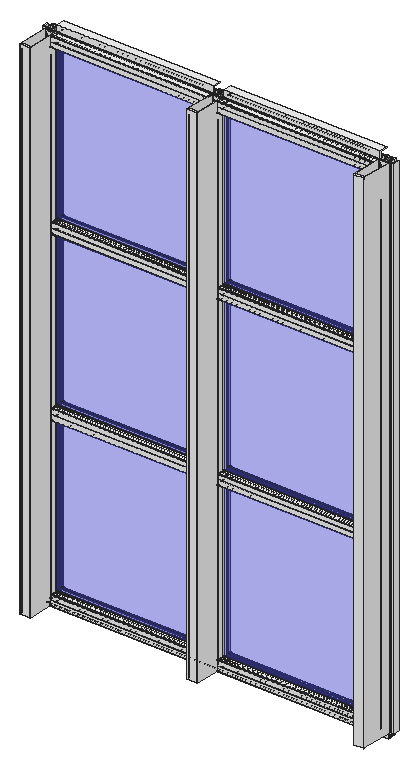
Revit family "Facade_60_Curtain_Wall_E23_Custom", category Windows, host Wall, Revit 2014 (continued)
Definition of nested family "F60_Double_Glazing_E23_Cust"
  Parameters (values of type "F60_Double_Glazing")
    Glazing Thickness DG [instance] = 4 mm
    Glazing Material [instance] = Glass
    Double Glazing Gasket Thickness [instance] = 12 mm
    Double Glazing Gasket Material [instance] = none
  Reference planes
    plane 1 "Center (Front/Back)": y = 0
    plane 2: z = 0
    plane 3 "Center (Left/Right)": x = 0
  Forms (mm)
    Extrusion 1, solid, material "Glass" <- "Glazing Material"
      sketch origin (0, 0, 0) x (1, 0, 0) y (0, 0, 1)
        loop
          line (0, 0) -> (0, 600) -> (-600, 600) -> (-600, 0) -> (0, 0)
      from 0 to 4 <- "Glazing Thickness DG"
    Extrusion 2, solid, material <- "Double Glazing Gasket Material"
      sketch origin (0, -4, 0) x (1, 0, 0) y (0, 0, 1)
        loop
          line (-600, 600) -> (-600, 0) -> (0, 0) -> (0, 600) -> (-600, 600)
        loop
          line (-592, 8) -> (-8, 8) -> (-8, 592) -> (-592, 592) -> (-592, 8)
      from 0 to 12 <- "Double Glazing Gasket Thickness"
    Extrusion 3, solid, material "Glass" <- "Glazing Material"
      sketch origin (0, -16, 0) x (1, 0, 0) y (0, 0, 1)
        loop
          line (-600, 600) -> (-600, 0) -> (0, 0) -> (0, 600) -> (-600, 600)
      from 0 to 4 <- "Glazing Thickness DG"
  Dimensions and locks
    "Glazing Width": plane 3 "Center (Left/Right)" to Extrusion 1 sketch curve
    "Glazing Height": Extrusion 1 sketch curve to level
    aligned and locked: level to plane 2
    aligned and locked: Extrusion 1 sketch curve to plane 3 "Center (Left/Right)"
    aligned and locked: level to Extrusion 1 sketch curve
    aligned and locked: Extrusion 2 sketch curve to Extrusion 1  (x4)
    aligned and locked: Extrusion 3 sketch curve to Extrusion 2  (x4)
  Automatic sketch dimensions
    Extrusion 2 sketch curve to Extrusion 1 = 8 mm  (x4)
Definition of nested family "F60 Vertical Profile Middle_E23_Cust"
  Parameters (values of type "F60 Vertical Profile Middle")
    Quarter SG Expansion Break [instance] = if(and(Quarter Expansion Break, Single Glazing), 1 = 1, 1 = 0)  # yes
    Quarter Length [instance] = Length / 4  # 62.5 mm
    Thermal Break Material [instance] = none
    Single Glazing [instance] = yes
    Quarter Expansion Break [instance] = yes
    Quarter DG Expansion Break [instance] = if(and(Quarter Expansion Break, Double Glazing), 1 = 1, 1 = 0)  # yes
    Quarter 190mm Expansion Break [instance] = if(and(Quarter Expansion Break, [190mm Mullion]), 1 = 1, 1 = 0)  # yes
    Quarter 160mm Expansion Break [instance] = if(and(Quarter Expansion Break, [160mm Mullion]), 1 = 1, 1 = 0)  # yes
    Quarter 100mm Expansion Break [instance] = if(and(Quarter Expansion Break, [100mm Mullion]), 1 = 1, 1 = 0)  # yes
    Profile Material [instance] = none
    Length [instance] = 250 mm
    Half SG Expansion Break [instance] = if(and(Half Expansion Break, Single Glazing), 1 = 1, 1 = 0)  # yes
    Half Length [instance] = Length / 2  # 125 mm
    Half Expansion Break [instance] = yes
    Half DG Expansion Break [instance] = if(and(Half Expansion Break, Double Glazing), 1 = 1, 1 = 0)  # yes
    Half 190mm Expansion Joint [instance] = if(and(Half Expansion Break, [190mm Mullion]), 1 = 1, 1 = 0)  # yes
    Half 160mm Expansion Break [instance] = if(and(Half Expansion Break, [160mm Mullion]), 1 = 1, 1 = 0)  # yes
    Half 100mm Expansion Break [instance] = if(and(Half Expansion Break, [100mm Mullion]), 1 = 1, 1 = 0)  # yes
    Double Glazing [instance] = yes
    190mm Mullion [instance] = yes
    160mm Mullion [instance] = yes
    100mm Mullion [instance] = yes
  Reference planes
    plane 1 "Center (Front/Back)": y = 0
    plane 2: z = 0
    plane 3 "Center (Left/Right)": x = 0
  Forms (mm)
    Extrusion 1, solid, material <- "Profile Material"
      sketch origin (0, 0, 0) x (1, 0, 0) y (0, 1, 0)
        loop
          arc (25.249, -8.7) -> (25.484, -9.266) -> (26.049, -9.5) r 0.8
          line (26.049, -9.5) -> (27.1, -9.5) -> (27.1, 7) -> (32.902, 7) -> (32.902, -9.5) -> (33.951, -9.5)
          arc (33.951, -9.5) -> (34.516, -9.266) -> (34.751, -8.7) r 0.8
          line (34.751, -8.7) -> (34.751, 6.2)
          arc (34.751, 6.2) -> (34.985, 6.766) -> (35.551, 7) r 0.8
          line (35.551, 7) -> (52.1, 7) -> (52.1, 5.4) -> (50.55, 5.4) -> (50.55, 4.55)
          arc (50.55, 4.55) -> (50.726, 4.126) -> (51.15, 3.95) r 0.6
          line (51.15, 3.95) -> (52.1, 3.95) -> (52.1, 1)
          arc (52.1, 1) -> (51.6, 0.5) -> (52.1, 0) r 0.5
          line (52.1, 0) -> (54.45, 0) -> (54.45, 1.15) -> (53.3, 1.15) -> (53.3, 2.45) -> (58.8, 2.45) -> (58.8, 1.15) -> (57.65, 1.15) -> (57.65, 0) -> (59.5, 0)
          arc (59.5, 0) -> (59.854, 0.146) -> (60, 0.5) r 0.5
          line (60, 0.5) -> (60, 3.9) -> (53.55, 3.9) -> (53.55, 7.6)
          arc (53.55, 7.6) -> (53.316, 8.166) -> (52.75, 8.4) r 0.8
          line (52.75, 8.4) -> (30, 8.4) -> (7.25, 8.4)
          arc (7.25, 8.4) -> (6.684, 8.166) -> (6.45, 7.6) r 0.8
          line (6.45, 7.6) -> (6.45, 3.9) -> (0, 3.9) -> (0, 0.5)
          arc (0, 0.5) -> (0.146, 0.146) -> (0.5, 0) r 0.5
          line (0.5, 0) -> (2.35, 0) -> (2.35, 1.15) -> (1.2, 1.15) -> (1.2, 2.45) -> (6.7, 2.45) -> (6.7, 1.15) -> (5.55, 1.15) -> (5.55, 0) -> (7.9, 0)
          arc (7.9, 0) -> (8.4, 0.5) -> (7.9, 1) r 0.5
          line (7.9, 1) -> (7.9, 3.95) -> (8.85, 3.95)
          arc (8.85, 3.95) -> (9.274, 4.126) -> (9.45, 4.55) r 0.6
          line (9.45, 4.55) -> (9.45, 5.4) -> (7.9, 5.4) -> (7.9, 7) -> (24.449, 7)
          arc (24.449, 7) -> (25.015, 6.766) -> (25.249, 6.2) r 0.8
          line (25.249, 6.2) -> (25.249, -8.7)
      from 0 to 250 <- "Length"
    Extrusion 2, solid, material <- "Thermal Break Material"
      sketch origin (0, 0, 0) x (1, 0, 0) y (0, 1, 0)
        loop
          line (1.75, 9.8) -> (1.75, 5.2) -> (0, 5.2) -> (0, 3.9) -> (6.35, 3.9) -> (6.35, 7.856)
          arc (6.35, 7.856) -> (6.526, 8.281) -> (6.95, 8.456) r 0.6
          line (6.95, 8.456) -> (30, 8.456) -> (53.05, 8.456)
          arc (53.05, 8.456) -> (53.474, 8.281) -> (53.65, 7.856) r 0.6
          line (53.65, 7.856) -> (53.65, 3.9) -> (60, 3.9) -> (60, 5.2) -> (58.25, 5.2) -> (58.25, 9.8) -> (30, 9.8) -> (1.75, 9.8)
      from 0 to 250 <- "Length"
    Extrusion 3, solid, material <- "Thermal Break Material", visible <- "Single Glazing"
      sketch origin (0, 0, 0) x (1, 0, 0) y (0, 1, 0)
        loop
          line (25.749, -14.011) -> (27.672, -14.011) -> (28.481, -12.611) -> (31.518, -12.611) -> (32.327, -14.011) -> (34.249, -14.011)
          arc (34.249, -14.011) -> (34.603, -13.864) -> (34.749, -13.511) r 0.5
          line (34.749, -13.511) -> (34.749, -10.011)
          arc (34.749, -10.011) -> (34.603, -9.657) -> (34.249, -9.511) r 0.5
          line (34.249, -9.511) -> (32.352, -9.511) -> (32.352, 0.19) -> (31.349, 2.261)
          arc (31.349, 2.261) -> (29.999, 2.986) -> (28.649, 2.261) r 1.62
          line (28.649, 2.261) -> (27.647, 0.19) -> (27.647, -9.511) -> (25.749, -9.511)
          arc (25.749, -9.511) -> (25.396, -9.657) -> (25.249, -10.011) r 0.5
          line (25.249, -10.011) -> (25.249, -13.511)
          arc (25.249, -13.511) -> (25.396, -13.864) -> (25.749, -14.011) r 0.5
        loop
          line (28.504, -10.005) -> (28.504, -10.861)
          arc (28.504, -10.861) -> (28.651, -11.214) -> (29.004, -11.361) r 0.5
          line (29.004, -11.361) -> (30.994, -11.361)
          arc (30.994, -11.361) -> (31.348, -11.214) -> (31.494, -10.861) r 0.5
          line (31.494, -10.861) -> (31.494, -10.005) -> (30.708, -9.219)
          arc (30.708, -9.219) -> (30.383, -9.001) -> (29.999, -8.924) r 1.007
          arc (29.999, -8.924) -> (29.616, -8.999) -> (29.292, -9.217) r 0.986
          line (29.292, -9.217) -> (28.504, -10.005)
        loop
          arc (30.896, 1.935) -> (29.887, 2.44) -> (29.005, 1.735) r 1.047
          line (29.005, 1.735) -> (28.347, 0.374) -> (28.347, -6.993)
          arc (28.347, -6.993) -> (28.583, -7.417) -> (29.068, -7.441) r 0.5
          arc (29.068, -7.441) -> (29.999, -7.223) -> (30.93, -7.441) r 2.099
          arc (30.93, -7.441) -> (31.416, -7.417) -> (31.652, -6.993) r 0.5
          line (31.652, -6.993) -> (31.652, 0.374) -> (30.896, 1.935)
      from 0 to 250 <- "Length"
    Extrusion 4, solid, material <- "Profile Material", visible <- "Single Glazing"
      sketch origin (0, 0, 0) x (1, 0, 0) y (0, 1, 0)
        loop
          line (52.693, -14.011) -> (32.327, -14.011) -> (31.519, -12.611) -> (28.481, -12.611) -> (27.673, -14.011) -> (7.307, -14.011) -> (7.307, -15.011) -> (8.457, -15.011) -> (8.457, -16.261) -> (2.957, -16.261) -> (2.957, -15.011) -> (4.107, -15.011) -> (4.107, -14.011) -> (1.707, -14.011)
          arc (1.707, -14.011) -> (1.199, -14.293) -> (1.168, -14.873) r 0.6
          line (1.168, -14.873) -> (2.093, -16.772) -> (1.015, -17.298) -> (1.484, -18.261) -> (11.488, -18.261)
          arc (11.488, -18.261) -> (11.913, -18.085) -> (12.088, -17.661) r 0.6
          line (12.088, -17.661) -> (12.088, -16.811) -> (47.912, -16.811) -> (47.912, -17.661)
          arc (47.912, -17.661) -> (48.088, -18.085) -> (48.512, -18.261) r 0.6
          line (48.512, -18.261) -> (58.518, -18.261) -> (58.987, -17.298) -> (57.908, -16.772) -> (58.834, -14.874)
          arc (58.834, -14.874) -> (58.802, -14.293) -> (58.293, -14.011) r 0.6
          line (58.293, -14.011) -> (55.893, -14.011) -> (55.893, -15.011) -> (57.043, -15.011) -> (57.043, -16.261) -> (51.543, -16.261) -> (51.543, -15.011) -> (52.693, -15.011) -> (52.693, -14.011)
      from 0 to 250 <- "Length"
    Extrusion 5, solid, material <- "Profile Material", visible <- "Single Glazing"
      sketch origin (0, 0, 0) x (1, 0, 0) y (0, 1, 0)
        loop
          line (2.801, -18.261) -> (1.484, -18.261) -> (1.015, -17.298) -> (2.093, -16.772) -> (0.779, -14.076)
          arc (0.779, -14.076) -> (0.239, -14.21) -> (0.001, -14.713) r 0.65
          line (0.001, -14.713) -> (0.001, -28.068)
          arc (0.001, -28.068) -> (1.172, -30.897) -> (4.001, -32.068) r 4
          line (4.001, -32.068) -> (30.001, -32.068) -> (56.001, -32.068)
          arc (56.001, -32.068) -> (58.829, -30.897) -> (60.001, -28.068) r 4
          line (60.001, -28.068) -> (60.001, -14.713)
          arc (60.001, -14.713) -> (59.763, -14.21) -> (59.223, -14.076) r 0.65
          line (59.223, -14.076) -> (57.908, -16.772) -> (58.987, -17.298) -> (58.518, -18.261) -> (57.201, -18.261)
          arc (57.201, -18.261) -> (56.83, -18.425) -> (56.703, -18.811) r 0.5
          arc (56.703, -18.811) -> (56.83, -19.196) -> (57.201, -19.361) r 0.5
          line (57.201, -19.361) -> (58.951, -19.361) -> (58.951, -27.968)
          arc (58.951, -27.968) -> (58.131, -29.948) -> (56.151, -30.768) r 2.8
          line (56.151, -30.768) -> (30.001, -30.768) -> (3.851, -30.768)
          arc (3.851, -30.768) -> (1.871, -29.948) -> (1.051, -27.968) r 2.8
          line (1.051, -27.968) -> (1.051, -19.361) -> (2.801, -19.361)
          arc (2.801, -19.361) -> (3.172, -19.196) -> (3.298, -18.811) r 0.5
          arc (3.298, -18.811) -> (3.172, -18.425) -> (2.801, -18.261) r 0.5
      from 0 to 250 <- "Length"
    Extrusion 6, solid, material <- "Profile Material", visible <- "100mm Mullion"
      sketch origin (0, 0, 0) x (1, 0, 0) y (0, 1, 0)
        loop
          line (14.02, 13) -> (45.98, 13)
          arc (45.98, 13) -> (46.539, 12.842) -> (46.917, 12.4) r 1
          arc (46.917, 12.4) -> (47.285, 11.963) -> (47.833, 11.8) r 1
          line (47.833, 11.8) -> (58.15, 11.8) -> (58.15, 96.3) -> (47.833, 96.3)
          arc (47.833, 96.3) -> (47.285, 96.137) -> (46.917, 95.7) r 1
          arc (46.917, 95.7) -> (46.548, 95.263) -> (46, 95.1) r 1
          line (46, 95.1) -> (14, 95.1)
          arc (14, 95.1) -> (13.452, 95.263) -> (13.083, 95.7) r 1
          arc (13.083, 95.7) -> (12.715, 96.137) -> (12.167, 96.3) r 1
          line (12.167, 96.3) -> (1.85, 96.3) -> (1.85, 11.8) -> (12.167, 11.8)
          arc (12.167, 11.8) -> (12.715, 11.963) -> (13.083, 12.4) r 1
          arc (13.083, 12.4) -> (13.461, 12.842) -> (14.02, 13) r 1
        loop
          line (1.65, 9.856) -> (58.35, 9.856) -> (58.35, 5.2) -> (60, 5.2) -> (60, 98.8)
          arc (60, 98.8) -> (59.707, 99.507) -> (59, 99.8) r 1
          line (59, 99.8) -> (1, 99.8)
          arc (1, 99.8) -> (0.293, 99.507) -> (0, 98.8) r 1
          line (0, 98.8) -> (0, 5.2) -> (1.65, 5.2) -> (1.65, 9.856)
      from 0 to 250 <- "Length"
    Extrusion 7, solid, material <- "Profile Material", visible <- "160mm Mullion"
      sketch origin (0, 0, 0) x (1, 0, 0) y (0, 1, 0)
        loop
          arc (2.35, 15.6) -> (2.526, 15.176) -> (2.95, 15) r 0.6
          line (2.95, 15) -> (57.05, 15)
          arc (57.05, 15) -> (57.474, 15.176) -> (57.65, 15.6) r 0.6
          line (57.65, 15.6) -> (57.65, 153.7)
          arc (57.65, 153.7) -> (57.474, 154.124) -> (57.05, 154.3) r 0.6
          line (57.05, 154.3) -> (47.833, 154.3)
          arc (47.833, 154.3) -> (47.285, 154.137) -> (46.917, 153.7) r 1
          arc (46.917, 153.7) -> (46.548, 153.263) -> (46, 153.1) r 1
          line (46, 153.1) -> (14, 153.1)
          arc (14, 153.1) -> (13.452, 153.263) -> (13.083, 153.7) r 1
          arc (13.083, 153.7) -> (12.715, 154.137) -> (12.167, 154.3) r 1
          line (12.167, 154.3) -> (2.95, 154.3)
          arc (2.95, 154.3) -> (2.526, 154.124) -> (2.35, 153.7) r 0.6
          line (2.35, 153.7) -> (2.35, 15.6)
        loop
          arc (1, 159.8) -> (0.293, 159.507) -> (0, 158.8) r 1
          line (0, 158.8) -> (0, 5.2) -> (1.65, 5.2) -> (1.65, 10.013) -> (58.35, 10.013) -> (58.35, 5.2) -> (60, 5.2) -> (60, 158.8)
          arc (60, 158.8) -> (59.707, 159.507) -> (59, 159.8) r 1
          line (59, 159.8) -> (1, 159.8)
      from 0 to 250 <- "Length"
    Extrusion 8, solid, material <- "Profile Material", visible <- "190mm Mullion"
      sketch origin (0, 0, 0) x (1, 0, 0) y (0, 1, 0)
        loop
          line (57.25, 15.1) -> (57.25, 178.3)
          arc (57.25, 178.3) -> (56.957, 179.007) -> (56.25, 179.3) r 1
          line (56.25, 179.3) -> (3.75, 179.3)
          arc (3.75, 179.3) -> (3.043, 179.007) -> (2.75, 178.3) r 1
          line (2.75, 178.3) -> (2.75, 15.1)
          arc (2.75, 15.1) -> (2.984, 14.534) -> (3.55, 14.3) r 0.8
          line (3.55, 14.3) -> (56.45, 14.3)
          arc (56.45, 14.3) -> (57.016, 14.534) -> (57.25, 15.1) r 0.8
        loop
          line (60, 5.2) -> (60, 188.8)
          arc (60, 188.8) -> (59.707, 189.507) -> (59, 189.8) r 1
          line (59, 189.8) -> (1, 189.8)
          arc (1, 189.8) -> (0.293, 189.507) -> (0, 188.8) r 1
          line (0, 188.8) -> (0, 5.2) -> (1.65, 5.2) -> (1.65, 9.856) -> (58.35, 9.856) -> (58.35, 5.2) -> (60, 5.2)
      from 0 to 250 <- "Length"
    Extrusion 9, solid, material <- "Thermal Break Material", visible <- "Double Glazing"
      sketch origin (0, 0, 0) x (1, 0, 0) y (0, 1, 0)
        loop
          line (27.672, -28) -> (28.48, -26.6) -> (31.518, -26.6) -> (32.326, -28) -> (34.249, -28)
          arc (34.249, -28) -> (34.603, -27.854) -> (34.749, -27.5) r 0.5
          line (34.749, -27.5) -> (34.749, -10)
          arc (34.749, -10) -> (34.603, -9.646) -> (34.249, -9.5) r 0.5
          line (34.249, -9.5) -> (32.352, -9.5) -> (32.352, 0.198) -> (31.348, 2.272)
          arc (31.348, 2.272) -> (29.998, 2.997) -> (28.648, 2.272) r 1.62
          line (28.648, 2.272) -> (27.645, 0.201) -> (27.645, -9.5) -> (25.749, -9.5)
          arc (25.749, -9.5) -> (25.396, -9.646) -> (25.249, -10) r 0.5
          line (25.249, -10) -> (25.249, -27.5)
          arc (25.249, -27.5) -> (25.396, -27.854) -> (25.749, -28) r 0.5
          line (25.749, -28) -> (27.672, -28)
        loop
          arc (30.706, -9.206) -> (30.382, -8.99) -> (29.999, -8.913) r 1.007
          arc (29.999, -8.913) -> (29.616, -8.988) -> (29.292, -9.206) r 0.986
          line (29.292, -9.206) -> (27.142, -11.356)
          arc (27.142, -11.356) -> (26.926, -11.68) -> (26.849, -12.063) r 1
          line (26.849, -12.063) -> (26.849, -24)
          arc (26.849, -24) -> (27.142, -24.707) -> (27.849, -25) r 1
          line (27.849, -25) -> (32.149, -25)
          arc (32.149, -25) -> (32.856, -24.707) -> (33.149, -24) r 1
          line (33.149, -24) -> (33.149, -12.063)
          arc (33.149, -12.063) -> (33.073, -11.68) -> (32.856, -11.356) r 1
          line (32.856, -11.356) -> (30.706, -9.206)
        loop
          arc (28.345, -6.982) -> (28.581, -7.407) -> (29.067, -7.43) r 0.5
          arc (29.067, -7.43) -> (29.998, -7.213) -> (30.929, -7.43) r 2.099
          arc (30.929, -7.43) -> (31.414, -7.407) -> (31.651, -6.982) r 0.5
          line (31.651, -6.982) -> (31.651, 0.385) -> (30.895, 1.946)
          arc (30.895, 1.946) -> (29.885, 2.45) -> (29.004, 1.745) r 1.047
          line (29.004, 1.745) -> (28.345, 0.385) -> (28.345, -6.982)
      from 0 to 250 <- "Length"
    Extrusion 10, solid, material <- "Profile Material", visible <- "Double Glazing"
      sketch origin (0, 0, 0) x (1, 0, 0) y (0, 1, 0)
        loop
          line (52.692, -28) -> (32.327, -28) -> (31.518, -26.6) -> (28.48, -26.6) -> (27.672, -28) -> (7.306, -28) -> (7.306, -29) -> (8.456, -29) -> (8.456, -30.25) -> (2.956, -30.25) -> (2.956, -29) -> (4.106, -29) -> (4.106, -28) -> (1.706, -28)
          arc (1.706, -28) -> (1.198, -28.282) -> (1.167, -28.863) r 0.6
          line (1.167, -28.863) -> (2.093, -30.762) -> (1.014, -31.288) -> (1.483, -32.25) -> (11.488, -32.25)
          arc (11.488, -32.25) -> (11.912, -32.074) -> (12.088, -31.65) r 0.6
          line (12.088, -31.65) -> (12.088, -30.8) -> (47.911, -30.8) -> (47.911, -31.65)
          arc (47.911, -31.65) -> (48.087, -32.074) -> (48.511, -32.25) r 0.6
          line (48.511, -32.25) -> (58.517, -32.25) -> (58.986, -31.288) -> (57.907, -30.762) -> (58.833, -28.864)
          arc (58.833, -28.864) -> (58.801, -28.282) -> (58.292, -28) r 0.6
          line (58.292, -28) -> (55.892, -28) -> (55.892, -29) -> (57.042, -29) -> (57.042, -30.25) -> (51.542, -30.25) -> (51.542, -29) -> (52.692, -29) -> (52.692, -28)
      from 0 to 250 <- "Length"
    Extrusion 11, solid, material <- "Profile Material", visible <- "Double Glazing"
      sketch origin (0, 0, 0) x (1, 0, 0) y (0, 1, 0)
        loop
          line (2.8, -32.25) -> (1.483, -32.25) -> (1.014, -31.288) -> (2.093, -30.762) -> (0.778, -28.065)
          arc (0.778, -28.065) -> (0.238, -28.2) -> (0, -28.702) r 0.65
          line (0, -28.702) -> (0, -42.058)
          arc (0, -42.058) -> (1.172, -44.886) -> (4, -46.058) r 4
          line (4, -46.058) -> (30, -46.058) -> (56, -46.058)
          arc (56, -46.058) -> (58.828, -44.886) -> (60, -42.058) r 4
          line (60, -42.058) -> (60, -28.702)
          arc (60, -28.702) -> (59.762, -28.2) -> (59.222, -28.065) r 0.65
          line (59.222, -28.065) -> (57.907, -30.762) -> (58.986, -31.288) -> (58.517, -32.25) -> (57.2, -32.25)
          arc (57.2, -32.25) -> (56.829, -32.415) -> (56.703, -32.8) r 0.5
          arc (56.703, -32.8) -> (56.829, -33.185) -> (57.2, -33.35) r 0.5
          line (57.2, -33.35) -> (58.95, -33.35) -> (58.95, -41.958)
          arc (58.95, -41.958) -> (58.13, -43.938) -> (56.15, -44.758) r 2.8
          line (56.15, -44.758) -> (30, -44.758) -> (3.85, -44.758)
          arc (3.85, -44.758) -> (1.87, -43.938) -> (1.05, -41.958) r 2.8
          line (1.05, -41.958) -> (1.05, -33.35) -> (2.8, -33.35)
          arc (2.8, -33.35) -> (3.171, -33.185) -> (3.297, -32.8) r 0.5
          arc (3.297, -32.8) -> (3.171, -32.415) -> (2.8, -32.25) r 0.5
      from 0 to 250 <- "Length"
    Extrusion 12, solid, material <- "Profile Material", visible <- "Double Glazing"
      sketch origin (0, 0, 0) x (1, 0, 0) y (0, 1, 0)
        loop
          line (12, -7.775) -> (0, -7.775) -> (0, -25.775) -> (12, -25.775) -> (12, -7.775)
        loop
          line (10.8, -8.975) -> (1.2, -8.975) -> (1.2, -24.575) -> (10.8, -24.575) -> (10.8, -8.975)
      from 0 to 250 <- "Length"
  Lines and regions (mm)
    model lines, style "GenericModelHiddenLines", visible <- "Half 100mm Expansion Break"
      curve 1: line (60, 5.2, 125) -> (60, 95.2, 125)
      curve 2: line (60, 99.8, 125) -> (0, 99.8, 125)
      curve 8: line (0, 5.2, 125) -> (0, 95.2, 125)
    model lines, style "GenericModelHiddenLines", visible <- "Quarter 100mm Expansion Break"
      curve 3: line (60, 5.2, 187.5) -> (60, 95.2, 187.5)
      curve 4: line (60, 5.2, 62.5) -> (60, 95.2, 62.5)
      curve 5: line (60, 99.8, 62.5) -> (0, 99.8, 62.5)
      curve 6: line (60, 99.8, 187.5) -> (0, 99.8, 187.5)
      curve 7: line (0, 5.2, 187.5) -> (0, 95.2, 187.5)
      curve 9: line (0, 5.2, 62.5) -> (0, 95.2, 62.5)
    model lines, style "GenericModelHiddenLines", visible <- "Half SG Expansion Break"
      curve 10: line (4.107, -32.068, 125) -> (55.893, -32.068, 125)
      curve 14: line (60.001, -14.011, 125) -> (60.001, -32.068, 125)
    model lines, style "GenericModelHiddenLines", visible <- "Quarter SG Expansion Break"
      curve 11: line (4.107, -32.068, 187.5) -> (56.703, -32.068, 187.5)
      curve 12: line (4.107, -32.068, 62.5) -> (56.703, -32.068, 62.5)
      curve 13: line (60.001, -14.011, 187.5) -> (60.001, -32.068, 187.5)
      curve 15: line (60.001, -14.011, 62.5) -> (60.001, -32.068, 62.5)
    model lines, style "GenericModelHiddenLines", visible <- "Quarter 160mm Expansion Break"
      curve 16: line (0, 5.2, 187.5) -> (0, 155.2, 187.5)
      curve 18: line (0, 5.2, 62.5) -> (0, 155.2, 62.5)
      curve 19: line (0, 159.8, 187.5) -> (60, 159.8, 187.5)
      curve 21: line (0, 159.8, 62.5) -> (60, 159.8, 62.5)
      curve 22: line (60, 5.2, 187.5) -> (60, 155.2, 187.5)
      curve 24: line (60, 5.2, 62.5) -> (60, 155.2, 62.5)
    model lines, style "GenericModelHiddenLines", visible <- "Half 160mm Expansion Break"
      curve 17: line (0, 5.2, 125) -> (0, 155.2, 125)
      curve 20: line (0, 159.8, 125) -> (60, 159.8, 125)
      curve 23: line (60, 5.2, 125) -> (60, 155.2, 125)
    model lines, style "GenericModelHiddenLines", visible <- "Quarter 190mm Expansion Break"
      curve 25: line (0, 5.2, 187.5) -> (0, 185.2, 187.5)
      curve 27: line (0, 5.2, 62.5) -> (0, 185.2, 62.5)
      curve 28: line (0.779, 189.8, 187.5) -> (59.222, 189.8, 187.5)
      curve 30: line (0.779, 189.8, 62.5) -> (59.222, 189.8, 62.5)
      curve 31: line (60, 5.2, 187.5) -> (60, 185.2, 187.5)
      curve 33: line (60, 5.2, 62.5) -> (60, 185.2, 62.5)
    model lines, style "GenericModelHiddenLines", visible <- "Half 190mm Expansion Joint"
      curve 26: line (0, 5.2, 125) -> (0, 185.2, 125)
      curve 29: line (0.779, 189.8, 125) -> (59.222, 189.8, 125)
      curve 32: line (60, 5.2, 125) -> (60, 185.2, 125)
    model lines, style "GenericModelHiddenLines", visible <- "Quarter DG Expansion Break"
      curve 34: line (60, -28.065, 187.5) -> (60, -46.074, 187.5)
      curve 36: line (60, -28.065, 62.5) -> (60, -46.027, 62.5)
      curve 37: line (59.222, -46.058, 187.5) -> (0.779, -46.058, 187.5)
      curve 39: line (59.222, -46.058, 62.5) -> (0.779, -46.058, 62.5)
    model lines, style "GenericModelHiddenLines", visible <- "Half DG Expansion Break"
      curve 35: line (60, -28.065, 125) -> (60, -46.074, 125)
      curve 38: line (59.222, -46.058, 125) -> (0.779, -46.058, 125)
  Dimensions and locks
    "Half Length": curve 1 to level
    "Half Length": level to curve 2
    "Quarter Length": curve 4 to level
    "Quarter Length": Extrusion 8 to curve 3
    "Quarter Length": level to curve 5
    "Quarter Length": curve 6 to Extrusion 6
    "Quarter Length": curve 9 to level
    "Half Length": curve 8 to level
    "Quarter Length": Extrusion 8 to curve 7
    "Quarter Length": curve 12 to level
    "Half Length": curve 10 to level
    "Quarter Length": Extrusion 5 to curve 11
    "Quarter Length": curve 15 to level
    "Half Length": curve 14 to level
    "Quarter Length": Extrusion 5 to curve 13
    "Quarter Length": Extrusion 7 to curve 18
    "Half Length": Extrusion 7 to curve 17
    "Quarter Length": Extrusion 7 to curve 16
    "Quarter Length": Extrusion 7 to curve 21
    "Quarter Length": curve 19 to Extrusion 7
    "Half Length": Extrusion 7 to curve 20
    "Quarter Length": Extrusion 7 to curve 24
    "Quarter Length": Extrusion 7 to curve 22
    "Half Length": Extrusion 7 to curve 23
    "Quarter Length": Extrusion 8 to curve 27
    "Quarter Length": Extrusion 8 to curve 25
    "Half Length": Extrusion 8 to curve 26
    "Quarter Length": Extrusion 8 to curve 30
    "Quarter Length": curve 28 to Extrusion 8
    "Half Length": Extrusion 8 to curve 29
    "Quarter Length": Extrusion 8 to curve 33
    "Quarter Length": Extrusion 8 to curve 31
    "Half Length": Extrusion 8 to curve 32
    "Quarter Length": Extrusion 11 to curve 36
    "Quarter Length": Extrusion 11 to curve 34
    "Half Length": Extrusion 11 to curve 35
    "Quarter Length": Extrusion 11 to curve 37
    "Quarter Length": curve 39 to Extrusion 11
    "Half Length": curve 38 to Extrusion 11
    aligned and locked: level to plane 2
  Automatic sketch dimensions
    Extrusion 1 sketch curve to plane 3 "Center (Left/Right)" = 0 mm
    plane 1 "Center (Front/Back)" to Extrusion 1 sketch curve = 0 mm  (x4)
    plane 3 "Center (Left/Right)" to Extrusion 1 sketch curve = 0.5 mm
    Extrusion 1 sketch curve to Extrusion 1 sketch curve = 0.7 mm  (x2)
    Extrusion 1 sketch curve to Extrusion 1 sketch curve = 1.15 mm  (x4)
    Extrusion 1 sketch curve to Extrusion 1 sketch curve = 3.2 mm  (x2)
    Extrusion 1 sketch curve to Extrusion 1 sketch curve = 0.9 mm
    Extrusion 1 sketch curve to Extrusion 1 sketch curve = 0.25 mm
    Extrusion 1 sketch curve to Extrusion 1 sketch curve = 0.8 mm  (x7)
    Extrusion 1 sketch curve to Extrusion 1 sketch curve = 1.45 mm  (x2)
    Extrusion 1 sketch curve to Extrusion 1 sketch curve = 0.65 mm  (x3)
    Extrusion 1 sketch curve to Extrusion 1 sketch curve = 0.95 mm  (x3)
    Extrusion 1 sketch curve to Extrusion 1 sketch curve = 0.6 mm  (x3)
    Extrusion 1 sketch curve to plane 1 "Center (Front/Back)" = 7 mm
    Extrusion 1 sketch curve to Extrusion 1 sketch curve = 14.999 mm  (x2)
    plane 1 "Center (Front/Back)" to Extrusion 1 sketch curve = 8.7 mm
    Extrusion 1 sketch curve to Extrusion 1 sketch curve = 1.85 mm
    Extrusion 1 sketch curve to Extrusion 1 sketch curve = 2.9 mm
    Extrusion 1 sketch curve to Extrusion 1 sketch curve = 5.802 mm
    Extrusion 1 sketch curve to Extrusion 1 sketch curve = 1.049 mm
    Extrusion 1 sketch curve to plane 1 "Center (Front/Back)" = 4.55 mm
    Extrusion 1 sketch curve to plane 1 "Center (Front/Back)" = 0.5 mm  (x3)
    Extrusion 1 sketch curve to Extrusion 1 sketch curve = 1.2 mm
    Extrusion 1 sketch curve to plane 1 "Center (Front/Back)" = 1.15 mm  (x2)
    Extrusion 1 sketch curve to Extrusion 1 sketch curve = 0 mm
    Extrusion 1 sketch curve to Extrusion 1 sketch curve = 1.3 mm  (x2)
    Extrusion 1 sketch curve to Extrusion 1 sketch curve = 0.05 mm  (x2)
    Extrusion 1 sketch curve to Extrusion 1 sketch curve = 0.85 mm  (x2)
    Extrusion 1 sketch curve to plane 1 "Center (Front/Back)" = 6.2 mm
    Extrusion 2 sketch curve to plane 3 "Center (Left/Right)" = 0 mm
    plane 3 "Center (Left/Right)" to Extrusion 2 sketch curve = 1.75 mm
    Extrusion 2 sketch curve to Extrusion 2 sketch curve = 4.6 mm  (x4)
    Extrusion 2 sketch curve to Extrusion 2 sketch curve = 0.6 mm  (x2)
    Extrusion 2 sketch curve to plane 1 "Center (Front/Back)" = 9.8 mm
    Extrusion 2 sketch curve to Extrusion 2 sketch curve = 23.05 mm  (x2)
    Extrusion 2 sketch curve to Extrusion 2 sketch curve = 0 mm
    Extrusion 2 sketch curve to plane 1 "Center (Front/Back)" = 8.456 mm
    Extrusion 2 sketch curve to Extrusion 2 sketch curve = 1.75 mm
    Extrusion 2 sketch curve to plane 1 "Center (Front/Back)" = 3.9 mm  (x2)
    plane 3 "Center (Left/Right)" to Extrusion 3 sketch curve = 25.249 mm
    Extrusion 3 sketch curve to Extrusion 3 sketch curve = 0.5 mm  (x6)
    Extrusion 3 sketch curve to plane 1 "Center (Front/Back)" = 0.19 mm  (x2)
    Extrusion 3 sketch curve to Extrusion 3 sketch curve = 1.897 mm  (x2)
    Extrusion 3 sketch curve to Extrusion 3 sketch curve = 1.922 mm  (x2)
    Extrusion 3 sketch curve to plane 1 "Center (Front/Back)" = 0.374 mm  (x2)
    Extrusion 3 sketch curve to Extrusion 3 sketch curve = 0.7 mm  (x2)
    plane 1 "Center (Front/Back)" to Extrusion 3 sketch curve = 12.611 mm
    Extrusion 3 sketch curve to Extrusion 3 sketch curve = 0.809 mm
    Extrusion 3 sketch curve to Extrusion 3 sketch curve = 0.858 mm
    Extrusion 3 sketch curve to plane 1 "Center (Front/Back)" = 2.261 mm  (x2)
    Extrusion 3 sketch curve to Extrusion 3 sketch curve = 0.303 mm
    Extrusion 3 sketch curve to plane 1 "Center (Front/Back)" = 1.735 mm
    Extrusion 3 sketch curve to Extrusion 3 sketch curve = 0.356 mm
    plane 1 "Center (Front/Back)" to Extrusion 3 sketch curve = 9.217 mm
    Extrusion 3 sketch curve to Extrusion 3 sketch curve = 0.788 mm
    Extrusion 3 sketch curve to Extrusion 3 sketch curve = 0.701 mm
    Extrusion 3 sketch curve to Extrusion 3 sketch curve = 0.003 mm
    Extrusion 3 sketch curve to Extrusion 3 sketch curve = 0.992 mm
    Extrusion 3 sketch curve to Extrusion 3 sketch curve = 0.006 mm
    Extrusion 3 sketch curve to Extrusion 3 sketch curve = 0.002 mm
    plane 1 "Center (Front/Back)" to Extrusion 3 sketch curve = 9.219 mm
    Extrusion 3 sketch curve to Extrusion 3 sketch curve = 0.709 mm
    Extrusion 3 sketch curve to plane 1 "Center (Front/Back)" = 1.935 mm
    Extrusion 3 sketch curve to Extrusion 3 sketch curve = 0.899 mm
    Extrusion 3 sketch curve to Extrusion 3 sketch curve = 0.998 mm
    Extrusion 3 sketch curve to Extrusion 3 sketch curve = 0.444 mm
    Extrusion 3 sketch curve to Extrusion 3 sketch curve = 0.524 mm
    Extrusion 3 sketch curve to Extrusion 3 sketch curve = 0.756 mm
    Extrusion 3 sketch curve to Extrusion 3 sketch curve = 0.808 mm
    Extrusion 3 sketch curve to Extrusion 3 sketch curve = 0.9 mm  (x2)
    Extrusion 3 sketch curve to Extrusion 3 sketch curve = 1.25 mm
    Extrusion 3 sketch curve to Extrusion 3 sketch curve = 0.85 mm  (x2)
    Extrusion 3 sketch curve to Extrusion 3 sketch curve = 0.856 mm  (x2)
    Extrusion 3 sketch curve to Extrusion 3 sketch curve = 0.714 mm
    Extrusion 3 sketch curve to Extrusion 3 sketch curve = 0.02 mm
    Extrusion 3 sketch curve to Extrusion 3 sketch curve = 0.399 mm
    Extrusion 3 sketch curve to Extrusion 3 sketch curve = 2.224 mm
    Extrusion 3 sketch curve to Extrusion 3 sketch curve = 0.448 mm
    Extrusion 3 sketch curve to Extrusion 3 sketch curve = 0.032 mm
    Extrusion 3 sketch curve to Extrusion 3 sketch curve = 0 mm
    plane 3 "Center (Left/Right)" to Extrusion 4 sketch curve = 1.015 mm
    Extrusion 4 sketch curve to Extrusion 4 sketch curve = 0.469 mm
    plane 3 "Center (Left/Right)" to Extrusion 4 sketch curve = 1.707 mm
    Extrusion 4 sketch curve to Extrusion 4 sketch curve = 1.079 mm
    Extrusion 4 sketch curve to Extrusion 4 sketch curve = 0.864 mm
    Extrusion 4 sketch curve to Extrusion 4 sketch curve = 1.15 mm  (x4)
    Extrusion 4 sketch curve to Extrusion 4 sketch curve = 3.2 mm  (x2)
    Extrusion 4 sketch curve to Extrusion 4 sketch curve = 3.031 mm  (x2)
    Extrusion 4 sketch curve to Extrusion 4 sketch curve = 0.6 mm  (x3)
    Extrusion 4 sketch curve to Extrusion 4 sketch curve = 15.584 mm  (x2)
    plane 1 "Center (Front/Back)" to Extrusion 4 sketch curve = 12.611 mm
    Extrusion 4 sketch curve to Extrusion 4 sketch curve = 0.808 mm  (x2)
    Extrusion 4 sketch curve to Extrusion 4 sketch curve = 3.038 mm
    plane 1 "Center (Front/Back)" to Extrusion 4 sketch curve = 14.011 mm
    plane 1 "Center (Front/Back)" to Extrusion 4 sketch curve = 16.772 mm
    Extrusion 4 sketch curve to Extrusion 4 sketch curve = 0.865 mm
    Extrusion 4 sketch curve to Extrusion 4 sketch curve = 1.25 mm  (x4)
    plane 1 "Center (Front/Back)" to Extrusion 4 sketch curve = 18.261 mm
    Extrusion 4 sketch curve to Extrusion 4 sketch curve = 0.61 mm
    plane 1 "Center (Front/Back)" to Extrusion 4 sketch curve = 17.298 mm
    Extrusion 4 sketch curve to Extrusion 4 sketch curve = 5.65 mm
    Extrusion 4 sketch curve to Extrusion 4 sketch curve = 0.962 mm
    Extrusion 4 sketch curve to Extrusion 4 sketch curve = 0.85 mm
    Extrusion 4 sketch curve to Extrusion 4 sketch curve = 0.512 mm  (x2)
    Extrusion 4 sketch curve to Extrusion 4 sketch curve = 1 mm  (x2)
    Extrusion 4 sketch curve to Extrusion 4 sketch curve = 0.4 mm  (x2)
    Extrusion 4 sketch curve to Extrusion 4 sketch curve = 1.4 mm
    Extrusion 4 sketch curve to Extrusion 4 sketch curve = 0.539 mm  (x2)
    Extrusion 4 sketch curve to Extrusion 4 sketch curve = 0 mm
    plane 1 "Center (Front/Back)" to Extrusion 4 sketch curve = 14.874 mm
    plane 3 "Center (Left/Right)" to Extrusion 5 sketch curve = 0.001 mm
    Extrusion 5 sketch curve to Extrusion 5 sketch curve = 0.65 mm  (x2)
    Extrusion 5 sketch curve to Extrusion 5 sketch curve = 0.128 mm  (x2)
    plane 3 "Center (Left/Right)" to Extrusion 5 sketch curve = 1.015 mm
    plane 3 "Center (Left/Right)" to Extrusion 5 sketch curve = 1.051 mm
    Extrusion 5 sketch curve to Extrusion 5 sketch curve = 0.469 mm  (x2)
    Extrusion 5 sketch curve to Extrusion 5 sketch curve = 1.079 mm
    Extrusion 5 sketch curve to Extrusion 5 sketch curve = 1.317 mm  (x2)
    Extrusion 5 sketch curve to Extrusion 5 sketch curve = 0 mm  (x3)
    plane 3 "Center (Left/Right)" to Extrusion 5 sketch curve = 3.851 mm
    Extrusion 5 sketch curve to Extrusion 5 sketch curve = 0.15 mm  (x2)
    Extrusion 5 sketch curve to Extrusion 5 sketch curve = 26 mm  (x2)
    Extrusion 5 sketch curve to Extrusion 5 sketch curve = 1.05 mm
    plane 1 "Center (Front/Back)" to Extrusion 5 sketch curve = 16.772 mm
    Extrusion 5 sketch curve to Extrusion 5 sketch curve = 0.707 mm
    Extrusion 5 sketch curve to Extrusion 5 sketch curve = 0.433 mm
    plane 1 "Center (Front/Back)" to Extrusion 5 sketch curve = 17.298 mm
    plane 1 "Center (Front/Back)" to Extrusion 5 sketch curve = 14.076 mm
    Extrusion 5 sketch curve to Extrusion 5 sketch curve = 0.5 mm  (x2)
    plane 1 "Center (Front/Back)" to Extrusion 5 sketch curve = 18.761 mm
    Extrusion 5 sketch curve to Extrusion 5 sketch curve = 0.1 mm  (x3)
    Extrusion 5 sketch curve to Extrusion 5 sketch curve = 1.1 mm  (x2)
    Extrusion 5 sketch curve to Extrusion 5 sketch curve = 8.608 mm
    Extrusion 5 sketch curve to Extrusion 5 sketch curve = 0.962 mm
    Extrusion 6 sketch curve to plane 3 "Center (Left/Right)" = 0 mm
    plane 3 "Center (Left/Right)" to Extrusion 6 sketch curve = 1 mm
    plane 3 "Center (Left/Right)" to Extrusion 6 sketch curve = 1.65 mm
    plane 3 "Center (Left/Right)" to Extrusion 6 sketch curve = 1.85 mm
    Extrusion 6 sketch curve to Extrusion 6 sketch curve = 10.317 mm  (x3)
    Extrusion 6 sketch curve to Extrusion 6 sketch curve = 1.833 mm  (x4)
    Extrusion 6 sketch curve to Extrusion 6 sketch curve = 0.02 mm  (x2)
    Extrusion 6 sketch curve to plane 1 "Center (Front/Back)" = 13 mm
    Extrusion 6 sketch curve to Extrusion 6 sketch curve = 31.961 mm
    Extrusion 6 sketch curve to Extrusion 6 sketch curve = 32 mm
    Extrusion 6 sketch curve to Extrusion 6 sketch curve = 0.2 mm  (x5)
    Extrusion 6 sketch curve to Extrusion 6 sketch curve = 0.85 mm
    Extrusion 6 sketch curve to Extrusion 6 sketch curve = 1.65 mm
    Extrusion 6 sketch curve to Extrusion 6 sketch curve = 1 mm  (x8)
    Extrusion 6 sketch curve to Extrusion 6 sketch curve = 1.944 mm
    Extrusion 6 sketch curve to Extrusion 6 sketch curve = 4.656 mm  (x2)
    Extrusion 6 sketch curve to Extrusion 6 sketch curve = 82.1 mm
    Extrusion 6 sketch curve to Extrusion 6 sketch curve = 2.5 mm
    Extrusion 7 sketch curve to plane 3 "Center (Left/Right)" = 0 mm
    Extrusion 7 sketch curve to Extrusion 7 sketch curve = 1 mm  (x3)
    plane 3 "Center (Left/Right)" to Extrusion 7 sketch curve = 1.65 mm
    plane 3 "Center (Left/Right)" to Extrusion 7 sketch curve = 2.35 mm
    Extrusion 7 sketch curve to Extrusion 7 sketch curve = 0.6 mm  (x3)
    Extrusion 7 sketch curve to Extrusion 7 sketch curve = 9.217 mm  (x2)
    Extrusion 7 sketch curve to Extrusion 7 sketch curve = 1.833 mm  (x2)
    Extrusion 7 sketch curve to Extrusion 7 sketch curve = 32 mm
    Extrusion 7 sketch curve to plane 1 "Center (Front/Back)" = 15 mm
    Extrusion 7 sketch curve to Extrusion 7 sketch curve = 54.1 mm
    Extrusion 7 sketch curve to Extrusion 7 sketch curve = 1.3 mm
    Extrusion 7 sketch curve to Extrusion 7 sketch curve = 1.95 mm
    Extrusion 7 sketch curve to Extrusion 7 sketch curve = 1.65 mm
    Extrusion 7 sketch curve to Extrusion 7 sketch curve = 4.987 mm
    Extrusion 7 sketch curve to Extrusion 7 sketch curve = 4.813 mm
    Extrusion 7 sketch curve to Extrusion 7 sketch curve = 4.812 mm
    Extrusion 7 sketch curve to Extrusion 7 sketch curve = 137.5 mm
    Extrusion 7 sketch curve to Extrusion 7 sketch curve = 0.2 mm  (x2)
    Extrusion 7 sketch curve to Extrusion 7 sketch curve = 0.4 mm  (x2)
    Extrusion 7 sketch curve to Extrusion 7 sketch curve = 4.5 mm
    Extrusion 8 sketch curve to plane 3 "Center (Left/Right)" = 0 mm
    Extrusion 8 sketch curve to Extrusion 8 sketch curve = 1 mm  (x3)
    plane 3 "Center (Left/Right)" to Extrusion 8 sketch curve = 1.65 mm
    plane 3 "Center (Left/Right)" to Extrusion 8 sketch curve = 2.75 mm
    Extrusion 8 sketch curve to Extrusion 8 sketch curve = 0.8 mm  (x2)
    Extrusion 8 sketch curve to Extrusion 8 sketch curve = 52.5 mm
    Extrusion 8 sketch curve to plane 1 "Center (Front/Back)" = 15.1 mm
    Extrusion 8 sketch curve to Extrusion 8 sketch curve = 52.9 mm
    Extrusion 8 sketch curve to Extrusion 8 sketch curve = 1.9 mm
    Extrusion 8 sketch curve to Extrusion 8 sketch curve = 2.75 mm
    Extrusion 8 sketch curve to Extrusion 8 sketch curve = 4.444 mm
    Extrusion 8 sketch curve to Extrusion 8 sketch curve = 4.656 mm  (x2)
    Extrusion 8 sketch curve to Extrusion 8 sketch curve = 163.2 mm
    Extrusion 8 sketch curve to Extrusion 8 sketch curve = 9.5 mm
    plane 3 "Center (Left/Right)" to Extrusion 9 sketch curve = 25.249 mm
    Extrusion 9 sketch curve to Extrusion 9 sketch curve = 0.5 mm  (x4)
    Extrusion 9 sketch curve to Extrusion 9 sketch curve = 1.1 mm
    plane 1 "Center (Front/Back)" to Extrusion 9 sketch curve = 11.356 mm  (x2)
    Extrusion 9 sketch curve to Extrusion 9 sketch curve = 0.293 mm  (x2)
    Extrusion 9 sketch curve to Extrusion 9 sketch curve = 1.896 mm
    Extrusion 9 sketch curve to Extrusion 9 sketch curve = 1.922 mm
    Extrusion 9 sketch curve to Extrusion 9 sketch curve = 1 mm  (x2)
    Extrusion 9 sketch curve to Extrusion 9 sketch curve = 0.7 mm
    Extrusion 9 sketch curve to Extrusion 9 sketch curve = 0.808 mm
    Extrusion 9 sketch curve to plane 1 "Center (Front/Back)" = 2.272 mm  (x2)
    Extrusion 9 sketch curve to Extrusion 9 sketch curve = 0.303 mm
    Extrusion 9 sketch curve to plane 1 "Center (Front/Back)" = 1.745 mm
    Extrusion 9 sketch curve to Extrusion 9 sketch curve = 0.356 mm
    plane 1 "Center (Front/Back)" to Extrusion 9 sketch curve = 9.206 mm  (x2)
    Extrusion 9 sketch curve to Extrusion 9 sketch curve = 1.647 mm
    Extrusion 9 sketch curve to Extrusion 9 sketch curve = 0.701 mm
    Extrusion 9 sketch curve to Extrusion 9 sketch curve = 0.992 mm
    Extrusion 9 sketch curve to Extrusion 9 sketch curve = 0.003 mm
    Extrusion 9 sketch curve to Extrusion 9 sketch curve = 0.002 mm
    Extrusion 9 sketch curve to Extrusion 9 sketch curve = 0.004 mm
    Extrusion 9 sketch curve to Extrusion 9 sketch curve = 0.708 mm
    Extrusion 9 sketch curve to plane 1 "Center (Front/Back)" = 1.946 mm
    Extrusion 9 sketch curve to Extrusion 9 sketch curve = 0.899 mm
    Extrusion 9 sketch curve to Extrusion 9 sketch curve = 0.444 mm
    Extrusion 9 sketch curve to Extrusion 9 sketch curve = 3.038 mm
    Extrusion 9 sketch curve to plane 1 "Center (Front/Back)" = 0.385 mm  (x2)
    Extrusion 9 sketch curve to Extrusion 9 sketch curve = 0.756 mm
    Extrusion 9 sketch curve to Extrusion 9 sketch curve = 2.153 mm
    Extrusion 9 sketch curve to Extrusion 9 sketch curve = 0.631 mm
    Extrusion 9 sketch curve to Extrusion 9 sketch curve = 0.807 mm
    Extrusion 9 sketch curve to Extrusion 9 sketch curve = 1.646 mm
    Extrusion 9 sketch curve to Extrusion 9 sketch curve = 0.707 mm
    Extrusion 9 sketch curve to Extrusion 9 sketch curve = 1.393 mm
    Extrusion 9 sketch curve to Extrusion 9 sketch curve = 1.923 mm
    Extrusion 9 sketch curve to Extrusion 9 sketch curve = 11.937 mm
    Extrusion 9 sketch curve to Extrusion 9 sketch curve = 1.6 mm
    Extrusion 9 sketch curve to Extrusion 9 sketch curve = 0.9 mm  (x2)
    Extrusion 9 sketch curve to Extrusion 9 sketch curve = 1.356 mm  (x2)
    Extrusion 9 sketch curve to Extrusion 9 sketch curve = 0.714 mm
    Extrusion 9 sketch curve to Extrusion 9 sketch curve = 0.02 mm
    Extrusion 9 sketch curve to Extrusion 9 sketch curve = 0.399 mm
    Extrusion 9 sketch curve to Extrusion 9 sketch curve = 2.224 mm
    Extrusion 9 sketch curve to Extrusion 9 sketch curve = 0.448 mm
    Extrusion 9 sketch curve to plane 1 "Center (Front/Back)" = 0.198 mm
    Extrusion 9 sketch curve to plane 1 "Center (Front/Back)" = 0.201 mm
    Extrusion 9 sketch curve to Extrusion 9 sketch curve = 0.032 mm
    Extrusion 9 sketch curve to Extrusion 9 sketch curve = 0 mm
    plane 3 "Center (Left/Right)" to Extrusion 10 sketch curve = 1.014 mm
    Extrusion 10 sketch curve to Extrusion 10 sketch curve = 0.469 mm  (x2)
    plane 3 "Center (Left/Right)" to Extrusion 10 sketch curve = 1.706 mm
    Extrusion 10 sketch curve to Extrusion 10 sketch curve = 1.079 mm
    Extrusion 10 sketch curve to Extrusion 10 sketch curve = 0.864 mm
    Extrusion 10 sketch curve to Extrusion 10 sketch curve = 1.15 mm  (x4)
    Extrusion 10 sketch curve to Extrusion 10 sketch curve = 3.2 mm  (x2)
    Extrusion 10 sketch curve to Extrusion 10 sketch curve = 3.031 mm  (x2)
    Extrusion 10 sketch curve to Extrusion 10 sketch curve = 0.6 mm  (x3)
    Extrusion 10 sketch curve to Extrusion 10 sketch curve = 15.584 mm  (x2)
    Extrusion 10 sketch curve to Extrusion 10 sketch curve = 0.808 mm  (x2)
    Extrusion 10 sketch curve to Extrusion 10 sketch curve = 3.038 mm
    Extrusion 10 sketch curve to Extrusion 10 sketch curve = 0.865 mm
    Extrusion 10 sketch curve to Extrusion 10 sketch curve = 1.25 mm  (x5)
    Extrusion 10 sketch curve to Extrusion 10 sketch curve = 0.61 mm
    plane 1 "Center (Front/Back)" to Extrusion 10 sketch curve = 31.288 mm
    Extrusion 10 sketch curve to Extrusion 10 sketch curve = 0.362 mm
    plane 1 "Center (Front/Back)" to Extrusion 10 sketch curve = 31.65 mm
    Extrusion 10 sketch curve to Extrusion 10 sketch curve = 0.962 mm
    Extrusion 10 sketch curve to Extrusion 10 sketch curve = 0.85 mm
    Extrusion 10 sketch curve to Extrusion 10 sketch curve = 0.512 mm  (x2)
    Extrusion 10 sketch curve to Extrusion 10 sketch curve = 0.4 mm  (x2)
    Extrusion 10 sketch curve to Extrusion 10 sketch curve = 1 mm
    Extrusion 10 sketch curve to Extrusion 10 sketch curve = 2.8 mm
    Extrusion 10 sketch curve to Extrusion 10 sketch curve = 0 mm  (x2)
    Extrusion 10 sketch curve to Extrusion 10 sketch curve = 1.4 mm
    Extrusion 10 sketch curve to Extrusion 10 sketch curve = 0.539 mm  (x2)
    plane 1 "Center (Front/Back)" to Extrusion 10 sketch curve = 28.864 mm
    Extrusion 11 sketch curve to plane 3 "Center (Left/Right)" = 0 mm
    plane 3 "Center (Left/Right)" to Extrusion 11 sketch curve = 0.65 mm
    Extrusion 11 sketch curve to Extrusion 11 sketch curve = 0.128 mm  (x2)
    plane 3 "Center (Left/Right)" to Extrusion 11 sketch curve = 1.014 mm
    plane 3 "Center (Left/Right)" to Extrusion 11 sketch curve = 1.05 mm
    Extrusion 11 sketch curve to Extrusion 11 sketch curve = 0.469 mm  (x2)
    Extrusion 11 sketch curve to Extrusion 11 sketch curve = 1.079 mm
    Extrusion 11 sketch curve to Extrusion 11 sketch curve = 1.317 mm  (x2)
    Extrusion 11 sketch curve to Extrusion 11 sketch curve = 0 mm  (x3)
    plane 3 "Center (Left/Right)" to Extrusion 11 sketch curve = 3.85 mm
    Extrusion 11 sketch curve to Extrusion 11 sketch curve = 0.15 mm  (x2)
    Extrusion 11 sketch curve to Extrusion 11 sketch curve = 26 mm  (x2)
    Extrusion 11 sketch curve to Extrusion 11 sketch curve = 1.05 mm
    Extrusion 11 sketch curve to Extrusion 11 sketch curve = 0.707 mm
    Extrusion 11 sketch curve to Extrusion 11 sketch curve = 0.433 mm
    plane 1 "Center (Front/Back)" to Extrusion 11 sketch curve = 31.288 mm
    plane 1 "Center (Front/Back)" to Extrusion 11 sketch curve = 28.065 mm
    Extrusion 11 sketch curve to Extrusion 11 sketch curve = 1.314 mm
    Extrusion 11 sketch curve to Extrusion 11 sketch curve = 0.65 mm
    Extrusion 11 sketch curve to Extrusion 11 sketch curve = 0.5 mm  (x2)
    plane 1 "Center (Front/Back)" to Extrusion 11 sketch curve = 32.75 mm
    Extrusion 11 sketch curve to Extrusion 11 sketch curve = 0.1 mm  (x3)
    Extrusion 11 sketch curve to Extrusion 11 sketch curve = 1.1 mm  (x2)
    Extrusion 11 sketch curve to Extrusion 11 sketch curve = 8.608 mm
    Extrusion 11 sketch curve to Extrusion 11 sketch curve = 0.962 mm
    Extrusion 12 sketch curve to plane 3 "Center (Left/Right)" = 0 mm
    plane 3 "Center (Left/Right)" to Extrusion 12 sketch curve = 1.2 mm
    Extrusion 12 sketch curve to Extrusion 12 sketch curve = 9.6 mm
    Extrusion 12 sketch curve to Extrusion 12 sketch curve = 1.2 mm  (x3)
    plane 1 "Center (Front/Back)" to Extrusion 12 sketch curve = 25.775 mm
    plane 1 "Center (Front/Back)" to Extrusion 12 sketch curve = 8.975 mm
    curve 4 to Extrusion 6 = 0 mm
    curve 3 to Extrusion 6 = 0 mm
    curve 1 to Extrusion 6 = 0 mm
    curve 4 to Extrusion 6 = 3.6 mm
    curve 3 to Extrusion 6 = 3.6 mm
    curve 1 to Extrusion 6 = 3.6 mm
    Extrusion 6 to curve 2 = 1 mm
    Extrusion 6 to curve 5 = 1 mm
    Extrusion 6 to curve 6 = 1 mm
    curve 6 to Extrusion 6 = 1 mm
    curve 5 to Extrusion 6 = 1 mm
    curve 2 to Extrusion 6 = 1 mm
    curve 9 to Extrusion 6 = 0 mm
    curve 8 to Extrusion 6 = 0 mm
    curve 7 to Extrusion 6 = 0 mm
    Extrusion 6 to curve 8 = 3.6 mm
    Extrusion 6 to curve 9 = 3.6 mm
    Extrusion 6 to curve 7 = 3.6 mm
    curve 12 to Extrusion 5 = 25.894 mm
    curve 11 to Extrusion 5 = 25.894 mm
    curve 10 to Extrusion 5 = 25.894 mm
    curve 10 to Extrusion 5 = 0.108 mm
    Extrusion 5 to curve 12 = 0.703 mm
    Extrusion 5 to curve 11 = 0.703 mm
    curve 13 to Extrusion 5 = 4 mm
    curve 14 to Extrusion 5 = 4 mm
    curve 15 to Extrusion 5 = 4 mm
    Extrusion 5 to curve 15 = 0.702 mm
    Extrusion 5 to curve 14 = 0.702 mm
    Extrusion 5 to curve 13 = 0.702 mm
    curve 18 to Extrusion 7 = 0 mm
    curve 17 to Extrusion 7 = 0 mm
    curve 16 to Extrusion 7 = 0 mm
    Extrusion 7 to curve 17 = 3.6 mm
    Extrusion 7 to curve 18 = 3.6 mm
    Extrusion 7 to curve 16 = 3.6 mm
    Extrusion 7 to curve 21 = 1 mm  (x2)
    Extrusion 7 to curve 20 = 1 mm  (x2)
    Extrusion 7 to curve 19 = 1 mm  (x2)
    curve 24 to Extrusion 7 = 0 mm
    curve 23 to Extrusion 7 = 0 mm
    curve 22 to Extrusion 7 = 0 mm
    curve 24 to Extrusion 7 = 3.6 mm
    curve 23 to Extrusion 7 = 3.6 mm
    curve 22 to Extrusion 7 = 3.6 mm
    curve 27 to Extrusion 8 = 0 mm
    curve 26 to Extrusion 8 = 0 mm
    curve 25 to Extrusion 8 = 0 mm
    Extrusion 8 to curve 26 = 3.6 mm
    Extrusion 8 to curve 27 = 3.6 mm
    Extrusion 8 to curve 25 = 3.6 mm
    Extrusion 8 to curve 30 = 0.221 mm
    Extrusion 8 to curve 29 = 0.221 mm
    Extrusion 8 to curve 28 = 0.221 mm
    curve 29 to Extrusion 8 = 0.222 mm
    curve 30 to Extrusion 8 = 0.222 mm
    curve 28 to Extrusion 8 = 0.222 mm
    curve 33 to Extrusion 8 = 0 mm
    curve 32 to Extrusion 8 = 0 mm
    curve 31 to Extrusion 8 = 0 mm
    curve 33 to Extrusion 8 = 3.6 mm
    curve 32 to Extrusion 8 = 3.6 mm
    curve 31 to Extrusion 8 = 3.6 mm
    curve 34 to Extrusion 11 = 4.016 mm
    curve 35 to Extrusion 11 = 4.016 mm
    curve 36 to Extrusion 11 = 3.97 mm
    Extrusion 11 to curve 36 = 0.637 mm
    Extrusion 11 to curve 35 = 0.637 mm
    Extrusion 11 to curve 34 = 0.637 mm
    curve 37 to Extrusion 11 = 29.221 mm
    curve 38 to Extrusion 11 = 29.221 mm
    curve 39 to Extrusion 11 = 29.221 mm
    Extrusion 11 to curve 39 = 3.222 mm
    Extrusion 11 to curve 38 = 3.222 mm
    Extrusion 11 to curve 37 = 3.222 mm
Definition of nested family "F60 Horizontal Profile Middle_E23_Cust"
  Parameters (values of type "F60 Horizontal Profile Middle")
    Thermal Break Material [instance] = none
    Single Glazing [instance] = yes
    Profile Material [instance] = none
    Length [instance] = 250 mm
    Double Glazing [instance] = yes
  Reference planes
    plane 1 "Center (Front/Back)": y = 0
    plane 2: z = 0
    plane 3 "Center (Left/Right)": x = 0
  Forms (mm)
    Extrusion 1, solid, material <- "Profile Material"
      sketch origin (0, 0, 0) x (0, 1, 0) y (0, 0, 1)
        loop
          line (-9.94, 7.845) -> (-8.37, 6.275) -> (-1.2, 10.415) -> (-1.2, 1.2) -> (-5, 1.2) -> (-5, 0) -> (-1, 0)
          arc (-1, 0) -> (-0.293, 0.293) -> (0, 1) r 1
          line (0, 1) -> (0, 30) -> (0, 59)
          arc (0, 59) -> (-0.293, 59.707) -> (-1, 60) r 1
          line (-1, 60) -> (-5, 60) -> (-5, 58.8) -> (-1.2, 58.8) -> (-1.2, 49.585) -> (-8.37, 53.725) -> (-9.94, 52.155)
          arc (-9.94, 52.155) -> (-9.902, 51.269) -> (-9.016, 51.232) r 0.655
          line (-9.016, 51.232) -> (-8.077, 52.17) -> (-1.2, 48.2) -> (-1.2, 30) -> (-1.2, 11.8) -> (-8.077, 7.83) -> (-9.016, 8.768)
          arc (-9.016, 8.768) -> (-9.902, 8.731) -> (-9.94, 7.845) r 0.655
      from 0 to 250 <- "Length"
    Extrusion 2, solid, material <- "Profile Material"
      sketch origin (0, 0, 0) x (0, 1, 0) y (0, 0, 1)
        loop
          line (-5, 60) -> (-44.6, 60) -> (-44.6, 58.35) -> (-39.944, 58.35) -> (-39.944, 1.65) -> (-44.6, 1.65) -> (-44.6, 0) -> (-5, 0) -> (-5, 2.2) -> (-4.2, 2.2) -> (-4.2, 3.018)
          arc (-4.2, 3.018) -> (-4.352, 3.783) -> (-4.786, 4.432) r 2
          line (-4.786, 4.432) -> (-7.054, 6.7) -> (-8, 6.489) -> (-8, 5.7) -> (-7.205, 5.7) -> (-7.205, 2.95) -> (-8, 2.95) -> (-8, 1.95) -> (-12.752, 1.95) -> (-12.752, 6.7) -> (-14.152, 6.7) -> (-14.152, 1.65) -> (-38.65, 1.65) -> (-38.65, 8.33) -> (-37.097, 8.33) -> (-34.666, 6.973)
          arc (-34.666, 6.973) -> (-33.846, 7.192) -> (-34.066, 8.012) r 0.6
          line (-34.066, 8.012) -> (-37.128, 9.78) -> (-38.65, 9.78) -> (-38.65, 12.65) -> (-37.6, 13.7) -> (-37.6, 20.3) -> (-38.65, 21.35) -> (-38.65, 38.65) -> (-37.6, 39.7) -> (-37.6, 46.3) -> (-38.65, 47.35) -> (-38.65, 50.22) -> (-37.128, 50.22) -> (-34.066, 51.988)
          arc (-34.066, 51.988) -> (-33.846, 52.808) -> (-34.666, 53.027) r 0.6
          line (-34.666, 53.027) -> (-37.032, 51.661) -> (-38.65, 51.661) -> (-38.65, 58.35) -> (-14.152, 58.35) -> (-14.152, 53.3) -> (-12.752, 53.3) -> (-12.752, 58.05) -> (-8, 58.05) -> (-8, 57.05) -> (-7.205, 57.05) -> (-7.205, 54.3) -> (-8, 54.3) -> (-8, 53.511) -> (-7.054, 53.3) -> (-4.786, 55.568)
          arc (-4.786, 55.568) -> (-4.352, 56.217) -> (-4.2, 56.982) r 2
          line (-4.2, 56.982) -> (-4.2, 57.8) -> (-5, 57.8) -> (-5, 60)
      from 0 to 250 <- "Length"
    Extrusion 3, solid, material <- "Thermal Break Material"
      sketch origin (0, 0, 0) x (0, 1, 0) y (0, 0, 1)
        loop
          line (-40, 1.75) -> (-40, 30) -> (-40, 58.25) -> (-44.6, 58.25) -> (-44.6, 60) -> (-45.9, 60) -> (-45.9, 53.65) -> (-41.788, 53.65)
          arc (-41.788, 53.65) -> (-41.363, 53.474) -> (-41.187, 53.05) r 0.6
          line (-41.187, 53.05) -> (-41.187, 30) -> (-41.187, 6.95)
          arc (-41.187, 6.95) -> (-41.363, 6.526) -> (-41.788, 6.35) r 0.6
          line (-41.788, 6.35) -> (-45.9, 6.35) -> (-45.9, 0) -> (-44.6, 0) -> (-44.6, 1.75) -> (-40, 1.75)
      from 0 to 250 <- "Length"
    Extrusion 4, solid, material <- "Profile Material"
      sketch origin (0, 0, 0) x (0, 1, 0) y (0, 0, 1)
        loop
          line (-58.5, 25.249) -> (-43.6, 25.249)
          arc (-43.6, 25.249) -> (-43.034, 25.015) -> (-42.8, 24.449) r 0.8
          line (-42.8, 24.449) -> (-42.8, 7.9) -> (-44.4, 7.9) -> (-44.4, 9.45) -> (-45.25, 9.45)
          arc (-45.25, 9.45) -> (-45.674, 9.274) -> (-45.85, 8.85) r 0.6
          line (-45.85, 8.85) -> (-45.85, 7.9) -> (-48.8, 7.9)
          arc (-48.8, 7.9) -> (-49.3, 8.4) -> (-49.8, 7.9) r 0.5
          line (-49.8, 7.9) -> (-49.8, 5.55) -> (-48.65, 5.55) -> (-48.65, 6.7) -> (-47.35, 6.7) -> (-47.35, 1.2) -> (-48.65, 1.2) -> (-48.65, 2.35) -> (-49.8, 2.35) -> (-49.8, 0.5)
          arc (-49.8, 0.5) -> (-49.654, 0.146) -> (-49.3, 0) r 0.5
          line (-49.3, 0) -> (-45.9, 0) -> (-45.9, 6.45) -> (-42.2, 6.45)
          arc (-42.2, 6.45) -> (-41.634, 6.684) -> (-41.4, 7.25) r 0.8
          line (-41.4, 7.25) -> (-41.4, 30) -> (-41.4, 52.75)
          arc (-41.4, 52.75) -> (-41.634, 53.316) -> (-42.2, 53.55) r 0.8
          line (-42.2, 53.55) -> (-45.9, 53.55) -> (-45.9, 60) -> (-49.3, 60)
          arc (-49.3, 60) -> (-49.654, 59.854) -> (-49.8, 59.5) r 0.5
          line (-49.8, 59.5) -> (-49.8, 57.65) -> (-48.65, 57.65) -> (-48.65, 58.8) -> (-47.35, 58.8) -> (-47.35, 53.3) -> (-48.65, 53.3) -> (-48.65, 54.45) -> (-49.8, 54.45) -> (-49.8, 52.1)
          arc (-49.8, 52.1) -> (-49.3, 51.6) -> (-48.8, 52.1) r 0.5
          line (-48.8, 52.1) -> (-45.85, 52.1) -> (-45.85, 51.15)
          arc (-45.85, 51.15) -> (-45.674, 50.726) -> (-45.25, 50.55) r 0.6
          line (-45.25, 50.55) -> (-44.4, 50.55) -> (-44.4, 52.1) -> (-42.8, 52.1) -> (-42.8, 35.551)
          arc (-42.8, 35.551) -> (-43.034, 34.985) -> (-43.6, 34.751) r 0.8
          line (-43.6, 34.751) -> (-58.5, 34.751)
          arc (-58.5, 34.751) -> (-59.066, 34.516) -> (-59.3, 33.951) r 0.8
          line (-59.3, 33.951) -> (-59.3, 32.902) -> (-42.8, 32.902) -> (-42.8, 27.1) -> (-59.3, 27.1) -> (-59.3, 26.049)
          arc (-59.3, 26.049) -> (-59.066, 25.484) -> (-58.5, 25.249) r 0.8
      from 0 to 250 <- "Length"
    Extrusion 5, solid, material <- "Thermal Break Material", visible <- "Single Glazing"
      sketch origin (0, 0, 0) x (0, 1, 0) y (0, 0, 1)
        loop
          arc (-63.8, 25.751) -> (-63.654, 25.397) -> (-63.3, 25.251) r 0.5
          line (-63.3, 25.251) -> (-59.8, 25.251)
          arc (-59.8, 25.251) -> (-59.446, 25.397) -> (-59.3, 25.751) r 0.5
          line (-59.3, 25.751) -> (-59.3, 27.648) -> (-49.599, 27.648) -> (-47.528, 28.651)
          arc (-47.528, 28.651) -> (-46.803, 30.001) -> (-47.528, 31.351) r 1.62
